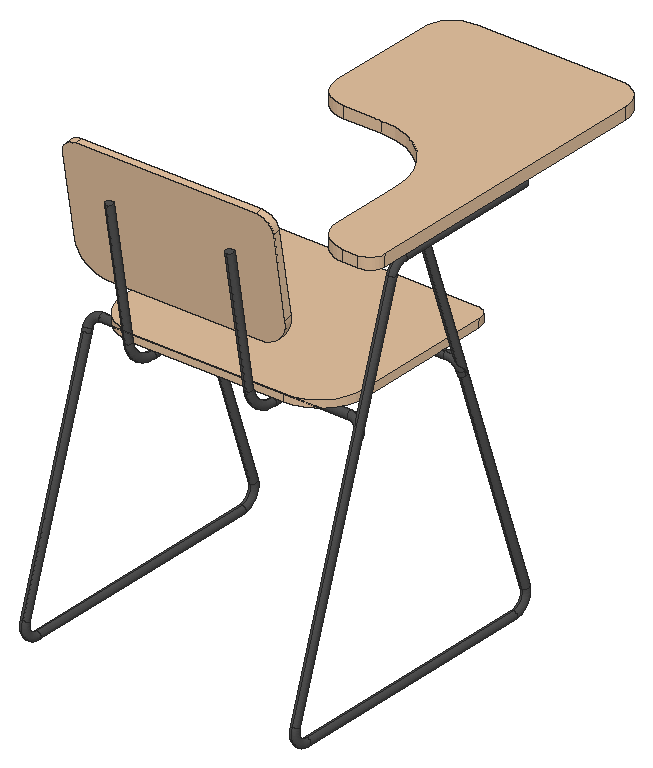
Revit family "M_Cadeira-Com braço", category Mobiliário, Revit 2019
Family settings
  Número OmniClass = 23.40.20.14.14.11
  Título OmniClass = Chairs
  ID de item do Seek = Chair-Tablet Arm-0000-CAN-ENU
  Com base no plano de trabalho = Não
  Sempre na vertical = Sim
  Corte com vazios quando carregada = Não
  Compartilhado = Sim
  Ponto de cálculo do ambiente = Não
Parameters
  Assento/Material preto = Cerejeira
  Material de tablet = Cerejeira
Reference planes
  plane 1 "Centro (Frente/Trás)": y = 108.931
  plane 2: z = 0
  plane 3 "Centro (Esquerda/Direita)": x = -179.049
  plane 4: x = 49.551
  plane 5: x = -407.649
  plane 6: y = 7.331
  plane 7: y = 362.931
  plane 8: y = -145.069
  plane 9: y = 210.531
  plane 10: z = 781.05
  plane 11: z = 450.5
  plane 12: z = 419.1
  plane 13: y = -1.503
  plane 14: y = 219.263
  plane 15: through (0, -129.809, 44.506) normal (0, -0.9459, 0.3243)
  plane 16: through (0, 324.756, 111.345) normal (0, -0.9459, -0.3243)
  plane 17: z = 419.1
  plane 18: y = 219.263
  plane 19: y = -1.4
  plane 20: through (0, 17.507, 3.087) normal (0, -0.9848, -0.1736)
  plane 21 "Assento": z = 463.2
  plane 22: x = -77.449
  plane 23: x = -280.649
  plane 24: z = 704.85
  plane 25: z = 704.85
  plane 26: y = 583.081
  plane 27: x = 241.3
  plane 28: x = 342.9
Forms (mm)
  Sweep 1, solid, material "Aço, Cromo polido"
    path origin (49.551, 0, 0) x (0, -1, 0) y (0, 0, 1)
      loop
        line (-141.815, 650.785) -> (-351.192, 40.1)
        arc (-351.192, 40.1) -> (-347.907, 17.035) -> (-327.204, 6.35) r 25.4
        line (-327.204, 6.35) -> (109.341, 6.35)
        arc (109.341, 6.35) -> (130.01, 16.987) -> (133.368, 39.988) r 25.4
        line (133.368, 39.988) -> (-70.164, 633.623)
        arc (-70.164, 633.623) -> (-79.428, 646.054) -> (-94.191, 650.785) r 25.4
        line (-94.191, 650.785) -> (-350.656, 650.785)
    profile origin (49.551, 108.932, 0) x (0, 0, 1) y (-1, 0, 0)
      loop
        circle (6.35, 0) r 6.35
  Sweep 2, solid, material "Aço, Cromo polido"
    path origin (-407.649, 0, 0) x (0, -1, 0) y (0, 0, 1)
      loop
        line (-219.242, 419.093) -> (-349.221, 39.988)
        arc (-349.221, 39.988) -> (-345.863, 16.987) -> (-325.194, 6.35) r 25.4
        line (-325.194, 6.35) -> (107.331, 6.35)
        arc (107.331, 6.35) -> (128, 16.987) -> (131.358, 39.988) r 25.4
        line (131.358, 39.988) -> (1.4, 419.034)
    profile origin (-407.649, 108.931, 0) x (0, 0, 1) y (-1, 0, 0)
      loop
        circle (6.35, 0) r 6.35
  Sweep 3, solid, material "Aço, Cromo polido"
    path origin (0, -129.809, 44.506) x (0, -0.324324, -0.945946) y (1, 0, 0)
      loop
        line (-395.987, 49.551) -> (-402.695, 49.551)
        arc (-402.695, 49.551) -> (-416.165, 43.971) -> (-421.745, 30.501) r 19.05
        line (-421.745, 30.501) -> (-421.745, -388.599)
        arc (-421.745, -388.599) -> (-416.165, -402.07) -> (-402.695, -407.649) r 19.05
        line (-402.695, -407.649) -> (-395.929, -407.649)
    profile origin (-179.049, -129.809, 44.506) x (0, -0.324324, -0.945946) y (0, -0.945946, 0.324324)
      loop
        circle (-421.745, 0) r 6.35
  Sweep 4, solid, material "Aço, Cromo polido"
    path origin (0, 324.756, 111.345) x (0, 0.324324, -0.945946) y (1, 0, 0)
      loop
        line (-325.363, 49.551) -> (-334.401, 49.551)
        arc (-334.401, 49.551) -> (-347.871, 43.971) -> (-353.451, 30.501) r 19.05
        line (-353.451, 30.501) -> (-353.451, -382.249)
        arc (-353.451, -382.249) -> (-346.011, -400.21) -> (-328.051, -407.649) r 25.4
        line (-328.051, -407.649) -> (-325.334, -407.649)
    profile origin (-175.874, 324.756, 111.345) x (0, 0.324324, -0.945946) y (0, -0.945946, -0.324324)
      loop
        circle (-353.451, 0) r 6.35
  Extrusion 5, solid, material "Cerejeira" <- "Assento/Material preto"
    sketch origin (0, 17.507, 3.087) x (0, 0.173648, -0.984808) y (1, 0, 0)
      loop
        arc (-791.603, -331.449) -> (-784.164, -349.41) -> (-766.203, -356.849) r 25.4
        line (-766.203, -356.849) -> (-623.302, -356.849)
        arc (-623.302, -356.849) -> (-587.381, -341.97) -> (-572.502, -306.049) r 50.8
        line (-572.502, -306.049) -> (-572.502, -52.049)
        arc (-572.502, -52.049) -> (-587.381, -16.128) -> (-623.302, -1.249) r 50.8
        line (-623.302, -1.249) -> (-766.203, -1.249)
        arc (-766.203, -1.249) -> (-784.164, -8.689) -> (-791.603, -26.649) r 25.4
        line (-791.603, -26.649) -> (-791.603, -331.449)
    from 0 to -12
  Extrusion 6, solid, material "Cerejeira" <- "Assento/Material preto"
    sketch origin (0, 0, 463.2) x (1, 0, 0) y (0, 1, 0)
      loop
        arc (-356.849, 312.131) -> (-374.81, 304.692) -> (-382.249, 286.731) r 25.4
        line (-382.249, 286.731) -> (-382.249, 45.431)
        arc (-382.249, 45.431) -> (-359.931, -8.45) -> (-306.049, -30.769) r 76.2
        line (-306.049, -30.769) -> (-52.049, -30.769)
        arc (-52.049, -30.769) -> (1.832, -8.45) -> (24.151, 45.431) r 76.2
        line (24.151, 45.431) -> (24.151, 286.731)
        arc (24.151, 286.731) -> (16.711, 304.692) -> (-1.249, 312.131) r 25.4
        line (-1.249, 312.131) -> (-356.849, 312.131)
    from -12.7 to 0
  Sweep 7, solid, material "Aço, Cromo polido"
    path origin (-77.449, 0, 0) x (0, -1, 0) y (0, 0, 1)
      loop
        line (-213.266, 438.15) -> (23.028, 438.15)
        arc (23.028, 438.15) -> (55.681, 450.035) -> (73.056, 480.129) r 50.8
        line (73.056, 480.129) -> (112.68, 704.85)
    profile origin (-77.449, 95.119, 0) x (0, 0, 1) y (-1, 0, 0)
      loop
        circle (438.15, 0) r 6.35
  Sweep 8, solid, material "Aço, Cromo polido"
    path origin (-280.649, 0, 0) x (0, -1, 0) y (0, 0, 1)
      loop
        line (-213.266, 438.15) -> (23.028, 438.15)
        arc (23.028, 438.15) -> (55.681, 450.035) -> (73.056, 480.129) r 50.8
        line (73.056, 480.129) -> (112.975, 706.519)
    profile origin (-280.649, 95.119, 0) x (0, 0, 1) y (-1, 0, 0)
      loop
        circle (438.15, 0) r 6.35
  Extrusion 9, solid, material "Cerejeira" <- "Material de tablet"
    sketch origin (-284.309, 20.031, 0) x (1, 0, 0) y (0, 1, 0)
      loop
        arc (50.8, 583.081) -> (14.879, 568.202) -> (0, 532.281) r 50.8
        line (0, 532.281) -> (0, 353.246)
        arc (0, 353.246) -> (14.879, 317.325) -> (50.8, 302.446) r 50.8
        line (50.8, 302.446) -> (114.3, 302.446)
        arc (114.3, 302.446) -> (204.103, 265.249) -> (241.3, 175.446) r 127
        line (241.3, 175.446) -> (241.3, 50.8)
        arc (241.3, 50.8) -> (256.179, 14.879) -> (292.1, 0) r 50.8
        line (292.1, 0) -> (317.5, 0)
        arc (317.5, 0) -> (335.461, 7.439) -> (342.9, 25.4) r 25.4
        line (342.9, 25.4) -> (342.9, 532.281)
        arc (342.9, 532.281) -> (328.021, 568.202) -> (292.1, 583.081) r 50.8
        line (292.1, 583.081) -> (50.8, 583.081)
    from 660.4 to 679.45
Lines and regions (mm)
  Masking region 1
    outline origin (0, 0, 0) x (1, 0, 0) y (0, 1, 0)
      loop
        line (-284.309, 552.312) -> (-284.309, 373.278)
        arc (-284.309, 373.278) -> (-269.43, 337.357) -> (-233.509, 322.478) r 50.8
        line (-233.509, 322.478) -> (-170.009, 322.478)
        arc (-170.009, 322.478) -> (-80.206, 285.28) -> (-43.009, 195.478) r 127
        line (-43.009, 195.478) -> (-43.009, 70.831)
        arc (-43.009, 70.831) -> (-28.13, 34.91) -> (7.791, 20.031) r 50.8
        line (7.791, 20.031) -> (33.191, 20.031)
        arc (33.191, 20.031) -> (38.3, 20.551) -> (43.201, 22.087) r 25.4
        line (43.201, 22.087) -> (43.201, -134.467) -> (58.591, -134.467) -> (58.591, 45.431) -> (58.591, 552.312)
        arc (58.591, 552.312) -> (43.712, 588.233) -> (7.791, 603.112) r 50.8
        line (7.791, 603.112) -> (-233.509, 603.112)
        arc (-233.509, 603.112) -> (-269.43, 588.233) -> (-284.309, 552.312) r 50.8
  Masking region 2
    outline origin (0, 0, 463.2) x (1, 0, 0) y (0, 1, 0)
      loop
        arc (-356.849, 312.131) -> (-374.81, 304.692) -> (-382.249, 286.731) r 25.4
        line (-382.249, 286.731) -> (-382.249, 218.361) -> (-401.299, 218.361) -> (-401.299, 353.381) -> (-416.585, 353.381) -> (-416.585, -134.467) -> (-401.299, -134.467) -> (-401.299, 45.431) -> (-382.249, 45.431)
        arc (-382.249, 45.431) -> (-359.931, -8.45) -> (-306.049, -30.769) r 76.2
        line (-306.049, -30.769) -> (-287.093, -30.769) -> (-287.093, -71.448) -> (-344.149, -71.448)
        arc (-344.149, -71.448) -> (-353.129, -75.168) -> (-356.849, -84.148) r 12.7
        line (-356.849, -84.148) -> (-356.849, -113.588)
        arc (-356.849, -113.588) -> (-353.129, -122.569) -> (-344.149, -126.288) r 12.7
        line (-344.149, -126.288) -> (-13.949, -126.288)
        arc (-13.949, -126.288) -> (-4.969, -122.569) -> (-1.249, -113.588) r 12.7
        line (-1.249, -113.588) -> (-1.249, -84.148)
        arc (-1.249, -84.148) -> (-4.969, -75.168) -> (-13.949, -71.448) r 12.7
        line (-13.949, -71.448) -> (-71.078, -71.448) -> (-71.078, -30.769) -> (-52.049, -30.769)
        arc (-52.049, -30.769) -> (-8.055, -16.786) -> (19.793, 20.031) r 76.2
        line (19.793, 20.031) -> (7.791, 20.031)
        arc (7.791, 20.031) -> (-28.13, 34.91) -> (-43.009, 70.831) r 50.8
        line (-43.009, 70.831) -> (-43.009, 195.478)
        arc (-43.009, 195.478) -> (-63.93, 265.308) -> (-119.8, 312.131) r 127
        line (-119.8, 312.131) -> (-356.849, 312.131)
      loop
        line (-274.281, -30.769) -> (-274.281, -71.448) -> (-83.822, -71.448) -> (-83.822, -30.769) -> (-274.281, -30.769)
      loop
        line (-382.249, 203.325) -> (-401.299, 203.325) -> (-401.299, 62.444) -> (-382.249, 62.444) -> (-382.249, 203.325)
  symbolic lines
    curve 1: line (-356.849, 312.131, 463.2) -> (-119.8, 312.131, 463.2)
    curve 2: line (-382.249, 286.731, 463.2) -> (-382.249, 45.431, 463.2)
    curve 3: line (-306.049, -30.769, 463.2) -> (-52.049, -30.769, 463.2)
    curve 4: arc (-356.849, 312.131, 463.2) -> (-374.81, 304.692, 463.2) -> (-382.249, 286.731, 463.2) r 25.4
    curve 5: arc (-306.049, -30.769, 463.2) -> (-359.931, -8.45, 463.2) -> (-382.249, 45.431, 463.2) r 76.2
    curve 6: line (-344.149, -71.448, 463.2) -> (-13.949, -71.448, 463.2)
    curve 7: line (-356.849, -84.148, 463.2) -> (-356.849, -113.588, 463.2)
    curve 8: line (-344.149, -126.288, 463.2) -> (-13.949, -126.288, 463.2)
    curve 9: line (-1.249, -84.148, 463.2) -> (-1.249, -113.588, 463.2)
    curve 10: arc (-344.149, -71.448, 463.2) -> (-353.129, -75.168, 463.2) -> (-356.849, -84.148, 463.2) r 12.7
    curve 11: arc (-344.149, -126.288, 463.2) -> (-353.129, -122.569, 463.2) -> (-356.849, -113.588, 463.2) r 12.7
    curve 12: arc (-13.949, -71.448, 463.2) -> (-4.969, -75.168, 463.2) -> (-1.249, -84.148, 463.2) r 12.7
    curve 13: arc (-1.249, -113.588, 463.2) -> (-4.969, -122.569, 463.2) -> (-13.949, -126.288, 463.2) r 12.7
    curve 14: line (-287.093, -30.769, 463.2) -> (-274.281, -30.769, 463.2)
    curve 15: line (-287.093, -30.769, 463.2) -> (-287.093, -71.448, 463.2)
    curve 16: line (-274.281, -30.769, 463.2) -> (-274.281, -71.448, 463.2)
    curve 17: line (-71.078, -30.769, 463.2) -> (-83.822, -30.769, 463.2)
    curve 18: line (-71.078, -30.769, 463.2) -> (-71.078, -71.448, 463.2)
    curve 19: line (-83.822, -30.769, 463.2) -> (-83.822, -71.448, 463.2)
    curve 20: line (-382.249, 203.325, 463.2) -> (-401.299, 203.325, 463.2)
    curve 21: line (-382.249, 203.325, 463.2) -> (-382.249, 218.361, 463.2)
    curve 22: line (-382.249, 218.361, 463.2) -> (-401.299, 218.361, 463.2)
    curve 23: line (-401.299, 203.325, 463.2) -> (-401.299, 218.361, 463.2)
    curve 24: line (-382.249, 45.431, 463.2) -> (-401.299, 45.431, 463.2)
    curve 25: line (-382.249, 45.431, 463.2) -> (-382.249, 62.444, 463.2)
    curve 26: line (-382.249, 62.444, 463.2) -> (-401.299, 62.444, 463.2)
    curve 27: line (-401.299, 45.431, 463.2) -> (-401.299, 62.444, 463.2)
    curve 28: line (-416.585, -134.467, 463.2) -> (-401.299, -134.467, 463.2)
    curve 29: line (-416.585, 353.381, 463.2) -> (-416.585, -134.467, 463.2)
    curve 30: line (-401.299, 353.381, 463.2) -> (-416.585, 353.381, 463.2)
    curve 31: line (-401.299, -134.467, 463.2) -> (-401.299, 353.381, 463.2)
    curve 32: line (58.591, -134.467, 0) -> (43.201, -134.467, 0)
    curve 33: line (58.591, 552.312, 0) -> (58.591, -134.467, 0)
    curve 34: line (43.201, -134.467, 0) -> (43.201, 22.087, 0)
    curve 35: line (7.791, 603.112, 0) -> (-233.509, 603.112, 0)
    curve 36: arc (7.791, 603.112, 0) -> (43.712, 588.233, 0) -> (58.591, 552.312, 0) r 50.8
    curve 37: arc (-284.309, 552.312, 0) -> (-269.43, 588.233, 0) -> (-233.509, 603.112, 0) r 50.8
    curve 38: line (-284.309, 552.312, 0) -> (-284.309, 373.278, 0)
    curve 39: arc (-284.309, 373.278, 0) -> (-269.43, 337.357, 0) -> (-233.509, 322.478, 0) r 50.8
    curve 40: line (-233.509, 322.478, 0) -> (-170.009, 322.478, 0)
    curve 41: arc (-170.009, 322.478, 0) -> (-80.206, 285.28, 0) -> (-43.009, 195.478, 0) r 127
    curve 42: line (-43.009, 195.478, 0) -> (-43.009, 70.831, 0)
    curve 43: line (7.791, 20.031, 0) -> (33.191, 20.031, 0)
    curve 44: arc (33.191, 20.031, 0) -> (51.152, 27.471, 0) -> (58.591, 45.431, 0) r 25.4
    curve 45: arc (-43.009, 70.831, 0) -> (-28.13, 34.91, 0) -> (7.791, 20.031, 0) r 50.8
    curve 46: arc (19.363, 18.847, 463.2) -> (-8.571, -17.147, 463.2) -> (-52.049, -30.769, 463.2) r 76.2
Dimensions and locks
  equal spacing: plane 5, plane 3 "Centro (Esquerda/Direita)", plane 4
  locked: plane 5 to plane 4 at 457.2
  equal spacing: plane 8, plane 1 "Centro (Frente/Trás)", plane 7
  locked: plane 8 to plane 7 at 508
Automatic sketch dimensions
  plane 23 to curve 39 = 3.66 mm
  plane 23 to curve 38 = 3.66 mm
  curve 37 to curve 38 = 0.00 mm  (x2)
  curve 39 to plane 23 = 47.14 mm
  curve 40 to curve 39 = 0.00 mm
  curve 37 to plane 23 = 47.14 mm
  curve 35 to curve 37 = 0.00 mm  (x2)
  plane 3 "Centro (Esquerda/Direita)" to curve 40 = 9.04 mm
  curve 41 to curve 40 = 0.00 mm
  plane 9 to curve 41 = 15.054 mm
  curve 41 to plane 22 = 34.44 mm
  curve 42 to curve 41 = 0.00 mm  (x2)
  plane 4 to curve 36 = 41.76 mm
  curve 35 to curve 36 = 0.00 mm
  curve 43 to plane 6 = 12.70 mm
  plane 4 to curve 43 = 41.76 mm
  plane 4 to curve 43 = 16.36 mm
  curve 36 to plane 4 = 9.04 mm
  plane 1 "Centro (Frente/Trás)" to curve 42 = 38.10 mm
  curve 40 to curve 41 = 0.00 mm
  curve 39 to curve 40 = 0.00 mm
  curve 38 to curve 39 = 0.00 mm
  curve 38 to curve 38 = 179.035 mm
  curve 36 to plane 7 = 189.381 mm
  curve 45 to plane 6 = 12.70 mm
  plane 4 to curve 45 = 41.76 mm
  plane 4 to curve 44 = 16.36 mm
  plane 4 to curve 34 = 6.35 mm
  curve 44 to plane 4 = 9.04 mm
  curve 32 to plane 8 = 10.601 mm
  curve 44 to plane 6 = 12.70 mm
  curve 33 to plane 7 = 189.381 mm
  plane 23 to Masking region 1 sketch curve = 3.66 mm
  Masking region 1 sketch curve to plane 23 = 47.14 mm  (x2)
  plane 3 "Centro (Esquerda/Direita)" to Masking region 1 sketch curve = 9.04 mm
  Masking region 1 sketch curve to plane 22 = 34.44 mm
  Masking region 1 sketch curve to plane 6 = 12.70 mm
  plane 4 to Masking region 1 sketch curve = 41.76 mm  (x2)
  plane 4 to Masking region 1 sketch curve = 16.36 mm
  plane 4 to Masking region 1 sketch curve = 6.35 mm
  Masking region 1 sketch curve to plane 4 = 9.04 mm
  Masking region 1 sketch curve to plane 8 = 10.601 mm
  Masking region 1 sketch curve to Masking region 1 sketch curve = 2.055 mm
  Masking region 1 sketch curve to Masking region 1 sketch curve = 0.00 mm
  plane 9 to Masking region 1 sketch curve = 15.054 mm
  Masking region 1 sketch curve to Masking region 1 sketch curve = 179.035 mm
  Masking region 2 sketch curve to plane 5 = 50.80 mm
  Masking region 2 sketch curve to Masking region 2 sketch curve = 25.40 mm
  Masking region 2 sketch curve to Masking region 2 sketch curve = 12.70 mm  (x3)
  plane 23 to Masking region 2 sketch curve = 25.40 mm
  plane 23 to Masking region 2 sketch curve = 6.444 mm
  Masking region 2 sketch curve to plane 23 = 6.368 mm
  plane 3 "Centro (Esquerda/Direita)" to Masking region 2 sketch curve = 9.04 mm
  plane 22 to Masking region 2 sketch curve = 42.351 mm
  plane 22 to Masking region 2 sketch curve = 6.373 mm
  Masking region 2 sketch curve to plane 22 = 6.371 mm
  Masking region 2 sketch curve to plane 22 = 25.40 mm
  Masking region 2 sketch curve to plane 22 = 34.44 mm
  Masking region 2 sketch curve to Masking region 2 sketch curve = 57.129 mm
  Masking region 2 sketch curve to Masking region 2 sketch curve = 0.00 mm  (x4)
  Masking region 2 sketch curve to plane 6 = 12.70 mm
  plane 4 to Masking region 2 sketch curve = 41.76 mm
  Masking region 2 sketch curve to Masking region 2 sketch curve = 12.002 mm
  plane 6 to Masking region 2 sketch curve = 38.10 mm  (x2)
  Masking region 2 sketch curve to Masking region 2 sketch curve = 40.68 mm  (x2)
  Masking region 2 sketch curve to Masking region 2 sketch curve = 29.44 mm
  plane 9 to Masking region 2 sketch curve = 15.054 mm
  Masking region 2 sketch curve to plane 8 = 31.48 mm
  Masking region 2 sketch curve to plane 5 = 6.35 mm  (x3)
  plane 5 to Masking region 2 sketch curve = 8.936 mm
  Masking region 2 sketch curve to plane 8 = 10.601 mm
  plane 7 to Masking region 2 sketch curve = 9.551 mm
  plane 9 to Masking region 2 sketch curve = 7.206 mm
  Masking region 2 sketch curve to Masking region 2 sketch curve = 19.05 mm
  Masking region 2 sketch curve to plane 9 = 7.83 mm
  Masking region 2 sketch curve to Masking region 2 sketch curve = 17.013 mm
  curve 45 to plane 22 = 34.44 mm
  plane 5 to curve 30 = 8.936 mm
  curve 31 to plane 5 = 6.35 mm
  curve 27 to plane 5 = 6.35 mm
  curve 23 to plane 5 = 6.35 mm
  curve 22 to plane 9 = 7.83 mm
  curve 22 to curve 22 = 19.05 mm
  plane 9 to curve 21 = 7.206 mm
  curve 24 to curve 5 = 19.05 mm
  curve 10 to plane 5 = 50.80 mm
  curve 2 to curve 4 = 25.40 mm
  curve 11 to curve 8 = 12.70 mm
  curve 10 to curve 6 = 12.70 mm
  plane 23 to curve 5 = 25.40 mm
  plane 23 to curve 15 = 6.444 mm
  curve 16 to plane 23 = 6.368 mm
  plane 22 to curve 1 = 42.351 mm
  plane 22 to curve 19 = 6.373 mm
  curve 18 to plane 22 = 6.371 mm
  curve 46 to plane 22 = 25.40 mm
  curve 3 to curve 12 = 38.10 mm
  curve 13 to curve 12 = 0.00 mm
  curve 13 to curve 13 = 12.70 mm
  curve 46 to plane 6 = 11.515 mm
  plane 4 to curve 46 = 30.188 mm
  curve 8 to plane 8 = 18.78 mm
  curve 28 to plane 8 = 10.601 mm
  curve 7 to curve 10 = 29.44 mm
  plane 6 to curve 19 = 38.10 mm
  curve 3 to curve 19 = 0.00 mm
  curve 14 to curve 3 = 0.00 mm
  curve 24 to curve 26 = 17.013 mm
  curve 21 to curve 4 = 68.37 mm
  plane 7 to curve 30 = 9.551 mm
